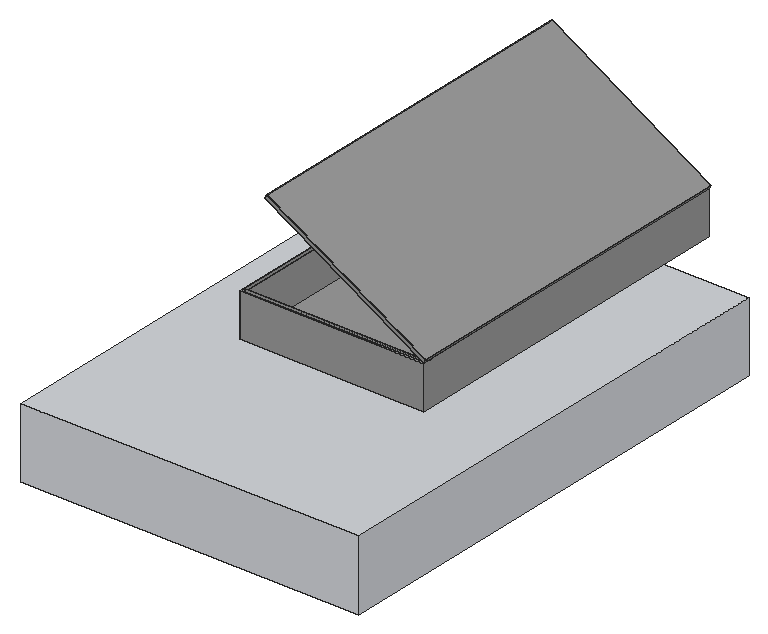
Revit family "Hager-Univers-IP44-D205-H1550-Cl.I-Encl-SE-en", category Equipement électrique, Revit 2020
Family settings
  Hôte = Face
  Configuration du panneau = Deux colonnes, circuits au sein
  Cote de connecteur circulaire = Utiliser le diamètre
  Type d'élément = Tableau de raccordement
  Couper avec des vides une fois chargée = Non
  Partagée = Non
  Point de calcul de pièce = Non
Parameters (values of type "Surface mounted (plaster) IP44 W800 H1550 D205  - FP03TN2")
  Width Control [instance] = if([EF000008 - Width] > Min Width, [EF000008 - Width], Min Width)  # 800 mm
  Commentaires du type = [HG000003 - Range]  # "Univers"
  Thickness Door [instance] = if([EF009171 - Material plate thickness door/cover] > 3 mm, 3 mm, [EF009171 - Material plate thickness door/cover])  # 1 mm
  Seal Frame Offset [instance] = 17 mm  # constant formula
  Plinth Visibility [instance] = [HG000027 - Plinth height] > 0 mm  # no
  Model = ""
  Min Width [instance] = 100 mm  # constant formula
  Min Height [instance] = 100 mm  # constant formula
  Min Depth [instance] = (2 * [EF009170 - Material plate thickness cabinet]) + 1 mm  # 3 mm
  Internal Frame Depth [instance] = (Door System Depth * 0.5)  # 9 mm
  Height Control [instance] = if([EF000040 - Height] > Min Height, [EF000040 - Height], Min Height)  # 1550 mm
  HG000027 - Plinth height = 0 mm
  HG000026 - Floor standing = no
  HG000024 - Bottom section height = 800 mm
  HG000023 - Double section enclosure = no
  HG000016 - Door 3d visibility [instance] = yes
  HG000015 - Clearance visibility [instance] = no
  HG000014 - Door on the right [instance] = yes
  HG000013 - Door on the left [instance] = not([HG000014 - Door on the right])  # no
  HG000012 - Door swing angle [instance] = 30.00°
  HG000010 - Asymmetric doors = no
  HG000009 - Double swing door = no
  HG000006 - Flush mounted = no
  HG000004 - Manufacturer reference = "FP03TN2"
  HG000003 - Range = "Univers"
  HG000002 - With door or cover = yes
  Frame Offset Bottom [instance] = 10 mm  # constant formula
  Frame Offset [instance] = 15 mm  # constant formula
  EF015940 - Cover with overpressure release = no
  EF011959 - Degree of protection (NEMA) = ""
  EF009554 - Number of openings for flange plates = 6
  EF009212 - Cover model = "EV000116 - Closed"
  EF009171 - Material plate thickness door/cover = 1 mm
  EF009170 - Material plate thickness cabinet = 1 mm
  Fabricant = "Hager"  # constant formula
  EF008873 - Nominal current (In) = 250 A
  EF007800 - Suitable for lightning protection = no
  EF006306 - With lock = no
  EF006244 - Transparent cover/door = no
  EF005474 - Degree of protection (IP) = "EV006418 - IP44"
  EF004464 - Type of door = "EV002646 - Single"
  EF004427 - Number of modules = 360
  EF004293 - Impact strength = "EV006815 - IK09"
  EF003532 - Suitable for outdoor use = no
  EF002950 - Width in number of modular spacings = 36
  EF001613 - Circuit integrity = "EV000494 - None"
  EF001596 - Material housing = "EV000179 - Steel"
  EF001131 - Internal depth = 205 mm
  EF001088 - Extension possible = yes
  EF000437 - Number of conduit inlets = 6
  EF000339 - Type of cover = "EV001012 - Cover"
  EF000266 - Number of rows = 10
  EF000218 - Built-in depth = 205 mm
  EF000118 - With mounting plate = no
  EF000116 - RAL-number = "9010"
  EF000049 - Depth = 205 mm
  EF000040 - Height = 1550 mm
  EF000008 - Width = 800 mm
  EF000007 - Colour = "EV000202 - White"
  EF000003 - Mounting method = "EV000384 - Surface mounted (plaster)"
  Door System Leaf Tolerance [instance] = 1.5 mm  # constant formula
  Door System Depth [instance] = 18 mm  # constant formula
  Door Height [instance] = Height Control - [HG000027 - Plinth height]  # 1550 mm
  Depth Control [instance] = if([EF000049 - Depth] > Min Depth, [EF000049 - Depth], Min Depth)  # 205 mm
  Default Elevation = 0 mm
  Connector Offset [instance] = Height Control / 2  # 775 mm
  Bottom Top Plate Trim [instance] = 1.5 mm  # constant formula
  Plinth height Ctrl [instance] = if([HG000027 - Plinth height] > 0 mm, [HG000027 - Plinth height], 12 mm)  # 12 mm
Types (5, lengths in mm): name | Width Control | HG000010 - Asymmetric doors | HG000009 - Double swing door | HG000004 - Manufacturer reference | EF009554 - Number of openings for flange plates | EF008873 - Nominal current (In) | EF004464 - Type of door | EF004427 - Number of modules | EF002950 - Width in number of modular spacings | EF000437 - Number of conduit inlets | EF000008 - Width
  Surface mounted (plaster) IP44 W1050 H1550 D205  - FP04TN2 | 1050 | no | yes | "FP04TN2" | 8 | 400 A | "EV003602 - Double" | 480 | 48 | 8 | 1050
  Surface mounted (plaster) IP44 W1300 H1550 D205  - FP05TN2 | 1300 | yes | yes | "FP05TN2" | 10 | 400 A | "EV003602 - Double" | 600 | 60 | 10 | 1300
  Surface mounted (plaster) IP44 W300 H1550 D205  - FP01TN2 | 300 | no | no | "FP01TN2" | 2 | 250 A | "EV002646 - Single" | 120 | 12 | 2 | 300
  Surface mounted (plaster) IP44 W550 H1550 D205  - FP02TN2 | 550 | no | no | "FP02TN2" | 4 | 250 A | "EV002646 - Single" | 240 | 24 | 4 | 550
  Surface mounted (plaster) IP44 W800 H1550 D205  - FP03TN2 | 800 | no | no | "FP03TN2" | 6 | 250 A | "EV002646 - Single" | 360 | 36 | 6 | 800
Reference planes
  plane 1 "Center (Front/Back)": y = 0
  plane 2: z = 0
  plane 3 "Center (Left/Right)": x = 0
  plane 4: z = 205
  plane 5: y = 1
  plane 6: y = 775
  plane 7: y = 0
  plane 8: y = 1550
  plane 9: z = 0
  plane 10: x = -385
  plane 11: x = 385
  plane 12: x = 384
  plane 13: x = -384
  plane 14: y = 1549
  plane 15: x = -383
  plane 16: x = -400
  plane 17: x = 383
  plane 18: x = 400
  plane 19: x = 399
  plane 20: x = -399
  plane 21: y = 11
  plane 22: y = 1550
  plane 23: y = 1534
  plane 24: z = 187
  plane 25: z = 1
  plane 26: z = 186
  plane 27: z = 204
Forms (mm)
  Extrusion 1, solid
    sketch origin (0, 0, 0) x (1, 0, 0) y (0, 1, 0)
      loop
        line (-702.964, 1305) -> (-702.964, -811.445) -> (766.763, -811.445) -> (766.763, 1305) -> (-702.964, 1305)
    from 0 to -304.8
  Extrusion 2, solid, material "Hager_Steel_RAL7035_Light_Grey", visible <- "Plinth Visibility", detail levels medium+fine
    sketch origin (0, 0, 0) x (1, 0, 0) y (0, 1, 0)
      loop
        line (-400, 0) -> (400, 0) -> (400, 12) -> (-400, 12) -> (-400, 0)
    from 0 to 187
  Extrusion 3, solid, material "Hager_Steel_RAL7035_Light_Grey", detail levels medium+fine
    sketch origin (0, 0, 0) x (1, 0, 0) y (0, 1, 0)
      loop
        line (-400, 0) -> (400, 0) -> (400, 1550) -> (-400, 1550) -> (-400, 0)
    from 0 to 187
  Extrusion 4, void
    sketch origin (0, 0, 0) x (1, 0, 0) y (0, 1, 0)
      loop
        line (-399, 1) -> (399, 1) -> (399, 1549) -> (-399, 1549) -> (-399, 1)
    from 1 to 186
  Extrusion 5, void
    sketch origin (-381.607, -4572, 187) x (0, -1, 0) y (-1, 0, 0)
      loop
        line (-4583, 2.393) -> (-6106, 2.393) -> (-6106, -765.607) -> (-4583, -765.607) -> (-4583, 2.393)
    from 0 to 1 <- "EF009170 - Material plate thickness cabinet"
  Extrusion 6, solid, material "Hager_Steel_RAL7035_Light_Grey", detail levels fine
    sketch origin (0, 0, 187) x (1, 0, 0) y (0, 1, 0)
      loop
        line (-384, 1534) -> (-384, 11) -> (384, 11) -> (384, 1534) -> (-384, 1534)
      loop
        line (-385, 10) -> (385, 10) -> (385, 1535) -> (-385, 1535) -> (-385, 10)
    from 0 to 9 <- "Internal Frame Depth"
  Extrusion 7, solid, material "Hager_Steel_RAL7035_Light_Grey", detail levels coarse
    sketch origin (0, 0, 0) x (1, 0, 0) y (0, 1, 0)
      loop
        line (-400, 0) -> (400, 0) -> (400, 1550) -> (-400, 1550) -> (-400, 0)
    from 0 to 205
  Sweep 8, void
    path in 3D
      loop
        line (-400, 12, 0) -> (400, 12, 0) -> (400, 12, 187) -> (-400, 12, 187) -> (-400, 12, 0)
    profile origin (-400, 12, 93.5) x (-1, 0, 0) y (0, -1, 0)
      loop
        line (0, 0) -> (0, 1.5) -> (-1.5, 1.5)
        arc (-1.5, 1.5) -> (-1.061, 0.439) -> (0, 0) r 1.5
Cuts and joins
  Extrusion 4, Extrusion 5 cuts Extrusion 3
  Sweep 8 cuts Extrusion 2
Lines and regions (mm)
  Masking region 1
    outline origin (0, 0, 0) x (1, 0, 0) y (0, 0, 1)
      loop
        line (-400, 205) -> (-400, 0) -> (400, 0) -> (400, 205) -> (-400, 205)
  Masking region 2, detail levels medium+fine
    outline origin (0, 140, 0) x (0, 1, 0) y (0, 0, 1)
      loop
        line (-140, 0) -> (1410, 0) -> (1410, 187) -> (-140, 187) -> (-140, 0)
  Masking region 3, not visible, detail levels medium+fine
    outline origin (0, 297.922, 0) x (0, 1, 0) y (0, 0, 1)
      loop
        line (488.578, 0) -> (528.578, 0) -> (528.578, 194)
        arc (528.578, 194) -> (525.649, 201.071) -> (518.578, 204) r 10
        line (518.578, 204) -> (488.578, 204) -> (488.578, 0)
  Masking region 4, detail levels coarse
    outline origin (0, 0, 180) x (0, 1, 0) y (0, 0, 1)
      loop
        line (0, -180) -> (1550, -180) -> (1550, 25) -> (0, 25) -> (0, -180)
  Masking region 5, visible <- "Plinth Visibility", detail levels medium+fine
    outline origin (0, 52.24, 12.345) x (0, 0, -1) y (0, 1, 0)
      loop
        line (10.845, -40.24) -> (-173.155, -40.24)
        arc (-173.155, -40.24) -> (-173.594, -41.301) -> (-174.655, -41.74) r 1.5
        line (-174.655, -41.74) -> (-174.655, -52.24) -> (12.345, -52.24) -> (12.345, -41.74)
        arc (12.345, -41.74) -> (11.285, -41.301) -> (10.845, -40.24) r 1.5
  Masking region 6, detail levels medium+fine
    outline origin (-381.607, -4572, 187) x (-1, 0, 0) y (0, -1, 0)
      loop
        line (18.393, -6122) -> (18.393, -4572) -> (-781.607, -4572) -> (-781.607, -6122) -> (18.393, -6122)
  Masking region 7, visible <- "Plinth Visibility", detail levels medium+fine
    outline origin (-381.607, -4727, 187) x (-1, 0, 0) y (0, -1, 0)
      loop
        arc (16.893, -4739) -> (17.332, -4737.939) -> (18.393, -4737.5) r 1.5
        line (18.393, -4737.5) -> (18.393, -4727) -> (-781.607, -4727) -> (-781.607, -4737.5)
        arc (-781.607, -4737.5) -> (-780.546, -4737.939) -> (-780.107, -4739) r 1.5
        line (-780.107, -4739) -> (16.893, -4739)
  Masking region 8, detail levels coarse
    outline origin (-442.548, -4669.526, 187) x (-1, 0, 0) y (0, -1, 0)
      loop
        line (-42.548, -6219.526) -> (-42.548, -4669.526) -> (-842.548, -4669.526) -> (-842.548, -6219.526) -> (-42.548, -6219.526)
  sketch lines
    curve 1: line (-400, 12, 187) -> (-400, 12, 0)
    curve 2: line (400, 12, 187) -> (-400, 12, 187)
    curve 3: line (400, 12, 187) -> (400, 12, 0)
    curve 4: line (-400, 12, 0) -> (400, 12, 0)
Dimensions and locks
  "Depth Control": plane 4 to Extrusion 1
  "HG000027 - Plinth height": plane 1 "Center (Front/Back)" to plane 7
  "EF009170 - Material plate thickness cabinet": plane 5 to plane 7
  locked: connector elem to plane 3 "Center (Left/Right)"
  equal spacing: plane 8, plane 6, plane 7
  locked: connector elem to plane 6
  "EF009170 - Material plate thickness cabinet": plane 8 to plane 14
  "EF009170 - Material plate thickness cabinet": plane 10 to plane 13
  "EF009170 - Material plate thickness cabinet": plane 12 to plane 11
  "Frame Offset": plane 20 to plane 13
  "Frame Offset": plane 12 to plane 19
  "EF009170 - Material plate thickness cabinet": plane 16 to plane 20
  "EF009170 - Material plate thickness cabinet": plane 19 to plane 18
  "Seal Frame Offset": plane 16 to plane 15
  "Seal Frame Offset": plane 17 to plane 18
  "Frame Offset Bottom": plane 21 to plane 5
  "Frame Offset": plane 14 to plane 23
  equal spacing: plane 16, plane 3 "Center (Left/Right)", plane 18
  "Width Control": plane 16 to plane 18
  "EF009170 - Material plate thickness cabinet": plane 4 to plane 27
  "EF009170 - Material plate thickness cabinet": plane 24 to plane 26
  "EF009170 - Material plate thickness cabinet": plane 25 to level
  "Door System Depth": plane 4 to plane 24
  "Height Control": plane 1 "Center (Front/Back)" to Extrusion 7 sketch curve
  "Height Control": Masking region 4 sketch curve to plane 1 "Center (Front/Back)"
  "Height Control": plane 1 "Center (Front/Back)" to plane 22
  "Bottom Top Plate Trim": profile plane to Sweep 8 sketch curve
  "Bottom Top Plate Trim": Sweep 8 sketch curve to profile plane
  "Plinth height Ctrl": plane 1 "Center (Front/Back)" to Extrusion 2 sketch curve
  "Plinth height Ctrl": Masking region 5 sketch curve to plane 1 "Center (Front/Back)"
  "Plinth height Ctrl": plane 1 "Center (Front/Back)" to Masking region 7 sketch curve
  "Thickness Door": Extrusion 6 sketch curve to Extrusion 6 sketch curve  (x3)
  "Thickness Door": cut or joined group of Extrusion 3, Extrusion 4, Extrusion 5 to Extrusion 6 sketch curve
  radius of Masking region 3 sketch curve = 10 mm
  "Bottom Top Plate Trim": radius of Masking region 5 sketch curve  (x2)
  "Bottom Top Plate Trim": radius of Sweep 8 sketch curve
  "Bottom Top Plate Trim": radius of Masking region 7 sketch curve  (x2)
  aligned and locked: plane 2 to Extrusion 1
  aligned and locked: level to Extrusion 1
  aligned and locked: level to Masking region 1 sketch curve
  aligned and locked: Masking region 1 sketch curve to plane 18
  aligned and locked: Masking region 1 sketch curve to plane 16
  aligned and locked: plane 7 to Masking region 2 sketch curve
  aligned and locked: level to Masking region 3 sketch curve
  aligned and locked: Masking region 3 sketch curve to plane 27
  aligned and locked: level to Masking region 2 sketch curve
  aligned and locked: plane 1 "Center (Front/Back)" to Extrusion 2 sketch curve
  aligned and locked: Extrusion 3 sketch curve to plane 7
  aligned and locked: plane 16 to Extrusion 3 sketch curve
  aligned and locked: plane 18 to Extrusion 3 sketch curve
  aligned and locked: plane 20 to Extrusion 4 sketch curve
  aligned and locked: plane 19 to Extrusion 4 sketch curve
  aligned and locked: Extrusion 4 sketch curve to plane 5
  aligned and locked: Extrusion 4 to plane 25
  aligned and locked: plane 26 to Extrusion 4
  aligned and locked: plane 24 to Extrusion 3
  aligned and locked: Extrusion 5 sketch curve to plane 21
  aligned and locked: Extrusion 5 sketch curve to plane 13
  aligned and locked: Extrusion 5 sketch curve to plane 12
  aligned and locked: plane 18 to Extrusion 7 sketch curve
  aligned and locked: plane 1 "Center (Front/Back)" to Extrusion 7 sketch curve
  aligned and locked: plane 16 to Extrusion 7 sketch curve
  aligned and locked: plane 4 to Extrusion 7
  aligned and locked: Extrusion 7 to level
  aligned and locked: level to Masking region 4 sketch curve
  aligned and locked: Masking region 4 sketch curve to plane 1 "Center (Front/Back)"
  aligned and locked: Masking region 4 sketch curve to plane 4
  aligned and locked: nested 1 to level
  aligned and locked: nested 1 to plane 16
  aligned and locked: plane 8 to Extrusion 3 sketch curve
  aligned and locked: plane 23 to Extrusion 5 sketch curve
  aligned and locked: plane 14 to Extrusion 4 sketch curve
  aligned and locked: Masking region 2 sketch curve to plane 8
  aligned and locked: level to Masking region 5 sketch curve
  aligned and locked: plane 16 to Extrusion 2 sketch curve
  aligned and locked: plane 18 to Extrusion 2 sketch curve
  aligned and locked: Masking region 5 sketch curve to plane 24
  aligned and locked: Masking region 2 sketch curve to plane 24
  aligned and locked: plane 24 to Extrusion 2
  aligned and locked: profile plane to Sweep 8 sketch curve  (x2)
  aligned and locked: Masking region 6 sketch curve to plane 18
  aligned and locked: Masking region 6 sketch curve to plane 22
  aligned and locked: Masking region 6 sketch curve to plane 16
  aligned and locked: plane 8 to plane 22
  aligned and locked: Masking region 6 sketch curve to plane 7
  aligned and locked: Masking region 7 sketch curve to plane 16
  aligned and locked: Masking region 7 sketch curve to plane 1 "Center (Front/Back)"
  aligned and locked: Masking region 7 sketch curve to plane 18
  aligned and locked: Masking region 8 sketch curve to plane 1 "Center (Front/Back)"
  aligned and locked: Masking region 8 sketch curve to plane 18
  aligned and locked: Masking region 8 sketch curve to plane 22
  aligned and locked: Masking region 8 sketch curve to plane 16
  aligned and locked: nested 2 to plane 7
  aligned and locked: plane 3 "Center (Left/Right)" to nested 2
  aligned and locked: nested 2 to plane 24
  aligned and locked: Extrusion 6 sketch curve to cut or joined group of Extrusion 3, Extrusion 4, Extrusion 5  (x4)
Automatic sketch dimensions
  Extrusion 1 sketch curve to Extrusion 1 sketch curve = 1469.727 mm
  Extrusion 1 sketch curve to Extrusion 1 sketch curve = 2116.445 mm
  Masking region 1 sketch curve to plane 4 = 0 mm
  plane 6 to Masking region 3 sketch curve = 11.5 mm
  Masking region 3 sketch curve to Masking region 3 sketch curve = 30 mm
  Masking region 5 sketch curve to plane 1 "Center (Front/Back)" = 0 mm
Nested families
  nested 1: "Hager_Enclosure_Symbol" at (-400, 0, 0) x (1, 0, 0) z (0, -1, 0), Height <- "Depth Control", Width <- "Width Control", type "Hager_Enclosure_Symbol"
    with Width_Ctrl 800 mm, Width 800 mm, Height_Ctrl 205 mm, Height 205 mm, A_Width_Int 13.453 mm, A_Width 161.438 mm, A_Height_Ctrl 179.375 mm, A_Height 179.375 mm
  nested 2: "EC000058_Univers_Door" at (0, 0, 187) x (1, 0, 0) z (0, 1, 0), Leaf_Tolerance <- "Door System Leaf Tolerance", Angle <- "HG000012 - Door swing angle", Door_Depth <- "Door System Depth", Door_Left <- "HG000013 - Door on the left", Transparent <- "EF006244 - Transparent cover/door", Assymetrical <- "HG000010 - Asymmetric doors", Width <- "Width Control", Clearance <- "HG000015 - Clearance visibility", Double <- "HG000009 - Double swing door", 3d_Door <- "HG000016 - Door 3d visibility", Lock_Visibility <- "EF006306 - With lock", Width_Ctrl <- "Width Control", Door_Right <- "HG000014 - Door on the right", Door <- "HG000002 - With door or cover", Height <- "Door Height", Thickness <- "Thickness Door", type "EC000058_Univers_Door", detail levels medium+fine
    with min_wh 3 mm, Width_Ctrl 800 mm, Width 800 mm, Transparent no, Thickness 1 mm, Seal_Material Hager_Rubber, Lock_Visibility no, Lock_Material Hager_Plastic_RAL9005_Jet_Black, Leaf_Width 800 mm, Leaf_Tolerance_External_Sides 0 mm, Leaf_Tolerance 1.5 mm, Leaf_Offset 0 mm, Leaf_Height 1547 mm, Leaf_2_Width 800 mm, Leaf_2_Offset 400 mm, Leaf_1_Width 800 mm, Leaf_1_Offset 400 mm, Height_Ctrl 1550 mm, Height 1550 mm, Glass_Material Hager_Glass, Double_Clearance_Ctrl no, Double no, Door_Right_Ctrl yes, Door_Right yes, Door_Material Hager_Steel_RAL7035_Light_Grey, Door_Left_Ctrl no, Door_Left no, Door_Depth 18 mm, Door yes, Clearance_Material Hager_Clearance, Clearance_Depth 800 mm, Clearance_Ctrl no, Clearance no, Assymetrical no, Angle 30.00°, 3d_Door yes
Connectors
  electrical at (0, 775, 0)
    settings: on plane 9, index 1, voltage 0 V, apparent load 0 VA, apparent load phase1 0 VA, apparent load phase2 0 VA, apparent load phase3 0 VA, power factor 1, load classification "Other", number of poles 1, system type 30, power factor state 1, is connector primary yes, connector utility no, sub classification motor no, connector description ""
Definition of nested family "EC000058_Univers_Door"
  Parameters (values of type "EC000058_Univers_Door")
    min_wh [instance] = (2 * Thickness) + 1 mm  # 11 mm
    Width_Ctrl [instance] = 400 mm
    Width [instance] = 500 mm
    Transparent [instance] = yes
    Thickness [instance] = 5 mm
    Seal_Material [instance] = none
    Lock_Visibility [instance] = yes
    Lock_Material [instance] = none
    Leaf_Width [instance] = if((Width_Ctrl - 2 * Leaf_Tolerance_External_Sides) > 0 mm, (Width_Ctrl - 2 * Leaf_Tolerance_External_Sides), min_wh)  # 400 mm
    Leaf_Tolerance_External_Sides [instance] = 0 mm  # constant formula
    Leaf_Tolerance [instance] = 1.5 mm
    Leaf_Offset [instance] = 0 mm  # constant formula
    Leaf_Height [instance] = if((Height_Ctrl - 2 * Leaf_Tolerance) > 0 mm, (Height_Ctrl - 2 * Leaf_Tolerance), min_wh)  # 497 mm
    Leaf_2_Width [instance] = if(and(and(Double, Assymetrical), Door_Left), (Leaf_Width / 3) - (Leaf_Tolerance / 2), if(and(and(Double, Assymetrical), Door_Right), (Leaf_Width / 3) * 2 - (Leaf_Tolerance / 2), if(and(Double, not(Assymetrical)), (Leaf_Width / 2) - Leaf_Tolerance, Leaf_Width)))  # 400 mm
    Leaf_2_Offset [instance] = if(and(Double, Assymetrical), Leaf_2_Width / 2, if(and(Double, not(Assymetrical)), Leaf_Width / 4, Leaf_Width / 2))  # 200 mm
    Leaf_1_Width [instance] = if(and(and(Double, Assymetrical), Door_Right), (Leaf_Width / 3) - (Leaf_Tolerance / 2), if(and(and(Double, Assymetrical), Door_Left), (Width / 3) * 2 - (Leaf_Tolerance / 2), if(and(Double, not(Assymetrical)), (Leaf_Width / 2) - Leaf_Tolerance, Leaf_Width)))  # 400 mm
    Leaf_1_Offset [instance] = if(and(Double, Assymetrical), Leaf_1_Width / 2, if(and(Double, not(Assymetrical)), Leaf_Width / 4, Leaf_Width / 2))  # 200 mm
    Height_Ctrl [instance] = if(Height > min_wh, Height, min_wh)  # 500 mm
    Height [instance] = 500 mm
    Glass_Material [instance] = none
    Double_Clearance_Ctrl [instance] = and(Double, Clearance)  # no
    Double [instance] = no
    Door_Right_Ctrl [instance] = and(or(Door_Right, Double), Door)  # yes
    Door_Right [instance] = yes
    Door_Material [instance] = none
    Door_Left_Ctrl [instance] = and(or(Door_Left, Double), Door)  # no
    Door_Left [instance] = no
    Door_Depth [instance] = 30 mm
    Door [instance] = yes
    Default Elevation = 1219.2 mm
    Clearance_Material [instance] = none
    Clearance_Depth [instance] = if(Leaf_1_Width > Leaf_2_Width, Leaf_1_Width, Leaf_2_Width)  # 400 mm
    Clearance_Ctrl [instance] = and(not(Double), Clearance)  # yes
    Clearance [instance] = yes
    Assymetrical [instance] = yes
    Angle [instance] = 30.00°
    3d_Door [instance] = yes
  Reference planes
    plane 1 "Center (Front/Back)": y = 0
    plane 2 "Bottom": z = 0
    plane 3 "Center (Left/Right)": x = 0
    plane 4: z = 500
    plane 5: x = -200
    plane 6: x = 200
    plane 7: z = 500
    plane 8: x = -200
    plane 9: z = 0
    plane 10: x = 200
    plane 11: y = 0
    plane 12: z = 1.5
    plane 13: x = -600
    plane 14: y = -400
    plane 15: x = 600
    plane 16: x = 0
    plane 17: x = 0
    plane 18: x = -200
    plane 19: x = 200
    plane 20: z = 498.5
  Forms (mm)
    Extrusion 1, solid, material <- "Clearance_Material", visible <- "Double_Clearance_Ctrl"
      sketch origin (1200, 0, 0) x (1, 0, 0) y (0, 0, -1)
        loop
          line (-1800, -498.5) -> (-600, -498.5) -> (-600, 0) -> (-1800, 0) -> (-1800, -498.5)
      from 0 to -400
  Dimensions and locks
    equal spacing: plane 5, plane 3 "Center (Left/Right)", plane 6
    "Width_Ctrl": plane 5 to plane 6
    "Leaf_Offset": plane 5 to plane 8
    "Leaf_Offset": plane 6 to plane 10
    "Leaf_Offset": plane 9 to level
    "Leaf_Offset": plane 4 to plane 7
    "Height_Ctrl": plane 4 to level
    "Leaf_Tolerance": plane 12 to plane 9
    locked: plane 11 to plane 1 "Center (Front/Back)"
    "Leaf_1_Offset": plane 18 to plane 16
    "Leaf_2_Offset": plane 17 to plane 19
    "Leaf_1_Width": plane 13 to plane 8
    "Leaf_2_Width": plane 10 to plane 15
    "Clearance_Depth": plane 14 to plane 1 "Center (Front/Back)"
    "Leaf_Tolerance_External_Sides": plane 8 to plane 18
    "Leaf_Tolerance_External_Sides": plane 19 to plane 10
    "Leaf_Tolerance": plane 7 to plane 20
    aligned and locked: level to plane 2 "Bottom"
    aligned and locked: nested 1 to plane 16
    aligned and locked: nested 2 to plane 17
    aligned and locked: Extrusion 1 to plane 13
    aligned and locked: plane 15 to Extrusion 1
    aligned and locked: Extrusion 1 to plane 14
    aligned and locked: plane 12 to nested 1
    aligned and locked: nested 2 to plane 12
    aligned and locked: Extrusion 1 to plane 11
    aligned and locked: plane 20 to Extrusion 1
    aligned and locked: nested 2 to plane 11
    aligned and locked: nested 1 to plane 11
  Automatic sketch dimensions
    Extrusion 1 sketch curve to level = 0 mm
    plane 5 to Extrusion 1 sketch curve = 400 mm
    plane 6 to Extrusion 1 sketch curve = 400 mm
    Extrusion 1 sketch curve to plane 4 = 1.5 mm
  Nested families
    nested 1: "EC000058_Univers_Door_Leaf" at (0, 0, 1.5), Width <- "Leaf_1_Width", visible <- "Door_Left_Ctrl", Leaf_Height <- "Leaf_Height", Angle <- "Angle", 3d_Door <- "3d_Door", Transparent <- "Transparent", Clearance Material <- "Clearance_Material", Clearance <- "Clearance_Ctrl", Door_Material <- "Door_Material", Glass_Material <- "Glass_Material", Door_Depth <- "Door_Depth", Lock_Material <- "Lock_Material", Seal_Material <- "Seal_Material", Lock_Visibility <- "Lock_Visibility", Thickness <- "Thickness", type "EC000058_Univers_Door_Leaf"
      with Width 400 mm, Transparent_Glass_Offset 30 mm, Transparent_Ctrl yes, Transparent yes, Thickness 5 mm, Standard no, Seal_Material none, Seal_D2 8 mm, Seal_D1 1 mm, Offset_Internal_Frame 10 mm, Lock_Width 20 mm, Lock_Visibility_3d yes, Lock_Visibility yes, Lock_Thickness_3 3 mm, Lock_Thickness_2 1 mm, Lock_Thickness_1 3 mm, Lock_Radius_Offset_2 16 mm, Lock_Radius_Offset_1 15 mm, Lock_Radius_2 5 mm, Lock_Radius 6 mm, Lock_Offset 5 mm, Lock_Material none, Lock_Height 80 mm, Lock_Cover_Top_Offset_2d 17 mm, Lock_Cover_Height -65 mm, Leaf_Height 497 mm, Internal_Seal_Thickness 8 mm, Internal_Seal_Depth_2 4.5 mm, Internal_Frame_Depth 25 mm, Glass_Thickness -1 mm, Glass_Offset -2 mm, Glass_Material none, Door_Material none, Door_Depth 30 mm, Clearance Material none, Clearance yes, Angle_Ctrl 30.00°, Angle 30.00°, 3d_Door yes
    nested 2: "EC000058_Univers_Door_Leaf" at (0, 0, 1.5) x (-1, 0, 0) z (0, 0, 1), Width <- "Leaf_2_Width", visible <- "Door_Right_Ctrl", Leaf_Height <- "Leaf_Height", Angle <- "Angle", 3d_Door <- "3d_Door", Transparent <- "Transparent", Clearance Material <- "Clearance_Material", Clearance <- "Clearance_Ctrl", Door_Material <- "Door_Material", Glass_Material <- "Glass_Material", Door_Depth <- "Door_Depth", Lock_Material <- "Lock_Material", Seal_Material <- "Seal_Material", Lock_Visibility <- "Lock_Visibility", Thickness <- "Thickness", type "EC000058_Univers_Door_Leaf"
      with Width 400 mm, Transparent_Glass_Offset 30 mm, Transparent_Ctrl yes, Transparent yes, Thickness 5 mm, Standard no, Seal_Material none, Seal_D2 8 mm, Seal_D1 1 mm, Offset_Internal_Frame 10 mm, Lock_Width 20 mm, Lock_Visibility_3d yes, Lock_Visibility yes, Lock_Thickness_3 3 mm, Lock_Thickness_2 1 mm, Lock_Thickness_1 3 mm, Lock_Radius_Offset_2 16 mm, Lock_Radius_Offset_1 15 mm, Lock_Radius_2 5 mm, Lock_Radius 6 mm, Lock_Offset 5 mm, Lock_Material none, Lock_Height 80 mm, Lock_Cover_Top_Offset_2d 17 mm, Lock_Cover_Height -65 mm, Leaf_Height 497 mm, Internal_Seal_Thickness 8 mm, Internal_Seal_Depth_2 4.5 mm, Internal_Frame_Depth 25 mm, Glass_Thickness -1 mm, Glass_Offset -2 mm, Glass_Material none, Door_Material none, Door_Depth 30 mm, Clearance Material none, Clearance yes, Angle_Ctrl 30.00°, Angle 30.00°, 3d_Door yes
  Definition of nested family "EC000058_Univers_Door_Leaf"
    Parameters (values of type "EC000058_Univers_Door_Leaf")
      Width [instance] = 2000 mm
      Transparent_Glass_Offset [instance] = 30 mm
      Transparent_Ctrl [instance] = and(Transparent, [3d_Door])  # yes
      Transparent [instance] = yes
      Thickness [instance] = 5 mm
      Standard [instance] = and(not(Transparent), [3d_Door])  # no
      Seal_Material [instance] = none
      Seal_D2 [instance] = 8 mm  # constant formula
      Seal_D1 [instance] = 1 mm  # constant formula
      Offset_Internal_Frame [instance] = 10 mm  # constant formula
      Lock_Width [instance] = 20 mm  # constant formula
      Lock_Visibility_3d [instance] = and(Lock_Visibility, [3d_Door])  # yes
      Lock_Visibility [instance] = yes
      Lock_Thickness_3 [instance] = 3 mm  # constant formula
      Lock_Thickness_2 [instance] = 1 mm  # constant formula
      Lock_Thickness_1 [instance] = 3 mm  # constant formula
      Lock_Radius_Offset_2 [instance] = Lock_Radius_Offset_1 + 1 mm  # 16 mm
      Lock_Radius_Offset_1 [instance] = 15 mm  # constant formula
      Lock_Radius_2 [instance] = Lock_Radius - 1 mm  # 5 mm
      Lock_Radius [instance] = 6 mm  # constant formula
      Lock_Offset [instance] = 5 mm  # constant formula
      Lock_Material [instance] = none
      Lock_Height [instance] = 80 mm  # constant formula
      Lock_Cover_Top_Offset_2d [instance] = Lock_Radius_Offset_2 + 1 mm  # 17 mm
      Lock_Cover_Height [instance] = -(Lock_Height - Lock_Radius_Offset_1)  # -65 mm
      Leaf_Height [instance] = 2720.336 mm
      Internal_Seal_Thickness [instance] = 8 mm  # constant formula
      Internal_Seal_Depth_2 [instance] = 4.5 mm  # constant formula
      Internal_Frame_Depth [instance] = if(Door_Depth - Thickness > 5 mm, Door_Depth - Thickness, 5 mm)  # 25 mm
      Glass_Thickness [instance] = if(Thickness > 15 mm, Glass_Offset + 10 mm, -1 mm)  # -1 mm
      Glass_Offset [instance] = if(Thickness > 15 mm, -(Thickness + 10 mm) / 2, -2 mm)  # -2 mm
      Glass_Material [instance] = none
      Door_Material [instance] = none
      Door_Depth [instance] = 30 mm
      Default Elevation = 0 mm
      Clearance Material [instance] = none
      Clearance [instance] = yes
      Angle_Ctrl [instance] = if(Angle > 180.00°, 180.00°, Angle)  # 90.00°
      Angle [instance] = 90.00°
      3d_Door [instance] = yes
    Reference planes
      plane 1 "Center (Front/Back)": y = 0
      plane 2: z = 0
      plane 3 "Center (Left/Right)": x = 0
      plane 4: y = 2000
      plane 5: x = -1000
      plane 6: x = 1000
      plane 7: x = -3000
      plane 8: z = 2720.336
      plane 9: z = 30
      plane 10: z = 2690.336
      plane 11: x = 970
      plane 12: x = -970
      plane 13: y = -3
      plane 14: z = 107.833
      plane 15: y = -5
      plane 16: y = -223.314
      plane 17: x = -1000
      plane 18: z = 1360.168
      plane 19: y = 30
    Forms (mm)
      Extrusion 1, solid, material <- "Clearance Material", visible <- "Clearance"
        sketch origin (0, 0, 0) x (1, 0, 0) y (0, 0, 1)
          loop
            line (-3000, 2720.336) -> (-3000, 0) -> (1000, 0) -> (1000, 2720.336) -> (-3000, 2720.336)
        from 0 to -2000
      Extrusion 2, solid, material <- "Door_Material", visible <- "Standard", detail levels medium+fine
        sketch origin (-1000, 0, 0) x (0, 1, 0) y (-1, 0, 0)
          loop
            line (0, 30) -> (0, 25) -> (2000, 25) -> (2000, 30) -> (0, 30)
        from 0 to 2720.336 <- "Leaf_Height"
      Extrusion 3, solid, material <- "Door_Material", visible <- "Transparent_Ctrl", detail levels medium+fine
        sketch origin (-1000, 0, 0) x (0, 1, 0) y (-1, 0, 0)
          loop
            line (0, 25) -> (2000, 25) -> (2000, 30) -> (0, 30) -> (0, 25)
        from 0 to 2720.336 <- "Leaf_Height"
      Extrusion 4, void
        sketch origin (-1025, 2000, 0) x (0, 1, 0) y (0, 0, -1)
          loop
            line (-30, -2690.336) -> (-30, -30) -> (-1970, -30) -> (-1970, -2690.336) -> (-30, -2690.336)
        from 0 to 5 <- "Thickness"
      Sweep 5, solid, material <- "Seal_Material", visible <- "Transparent_Ctrl", detail levels fine
        path in 3D
          loop
            line (-1025, 30, 30) -> (-1025, 30, 2690.336) -> (-1025, 1970, 2690.336) -> (-1025, 1970, 30) -> (-1025, 30, 30)
        profile origin (-1025, 1000, 30) x (1, 0, 0) y (0, 0, 1)
          loop
            line (0, 0) -> (0, -8) -> (1, -8) -> (1, 0) -> (0, 0)
      Extrusion 6, solid, material <- "Glass_Material", visible <- "Transparent_Ctrl", detail levels medium+fine
        sketch origin (-1030, 0, 0) x (0, 1, 0) y (0, 0, -1)
          loop
            line (1970, -2690.336) -> (1970, -30) -> (30, -30) -> (30, -2690.336) -> (1970, -2690.336)
        from -2 <- "Glass_Offset" to -1 <- "Glass_Thickness"
      Extrusion 7, solid, material <- "Door_Material", visible <- "3d_Door", detail levels medium+fine
        sketch origin (-1025, 2000, 0) x (0, -1, 0) y (0, 0, -1)
          loop
            line (0, -2720.336) -> (2000, -2720.336) -> (2000, 0) -> (0, 0) -> (0, -2720.336)
          loop
            line (1995, -5) -> (5, -5) -> (5, -2715.336) -> (1995, -2715.336) -> (1995, -5)
        from 0 to 25 <- "Internal_Frame_Depth"
      Sweep 8, solid, material <- "Seal_Material", visible <- "Transparent_Ctrl", detail levels fine
        path in 3D
          loop
            line (-1025, 0, 0) -> (-1025, 2000, 0) -> (-1025, 2000, 2720.336) -> (-1025, 0, 2720.336) -> (-1025, 0, 0)
        profile origin (-1025, 0, 1360.168) x (1, 0, 0) y (0, 1, 0)
          loop
            line (0, 10) -> (2.975, 10)
            arc (2.975, 10) -> (4.053, 10.447) -> (4.5, 11.525) r 1.525
            line (4.5, 11.525) -> (4.5, 16.527)
            arc (4.5, 16.527) -> (4.069, 17.569) -> (3.027, 18) r 1.473
            line (3.027, 18) -> (0, 18) -> (0, 10)
      Extrusion 9, solid, material <- "Lock_Material", visible <- "Lock_Visibility_3d", detail levels fine
        sketch origin (-1030, 0, 0) x (0, 1, 0) y (0, 0, -1)
          loop
            arc (1993.5, -1400.168) -> (1994.561, -1399.729) -> (1995, -1398.668) r 1.5
            line (1995, -1398.668) -> (1995, -1320.168) -> (1975, -1320.168) -> (1975, -1398.668)
            arc (1975, -1398.668) -> (1975.439, -1399.729) -> (1976.5, -1400.168) r 1.5
            line (1976.5, -1400.168) -> (1993.5, -1400.168)
        from 3 <- "Lock_Thickness_1" to 0
      Blend 10, solid, material <- "Lock_Material", visible <- "Lock_Visibility_3d", detail levels fine
        base sketch origin (-1033, 0, 0) x (0, 1, 0) y (0, 0, -1)
          loop
            line (1975, -1320.168) -> (1975, -1398.668)
            arc (1975, -1398.668) -> (1975.439, -1399.729) -> (1976.5, -1400.168) r 1.5
            line (1976.5, -1400.168) -> (1993.5, -1400.168)
            arc (1993.5, -1400.168) -> (1994.561, -1399.729) -> (1995, -1398.668) r 1.5
            line (1995, -1398.668) -> (1995, -1320.168) -> (1975, -1320.168)
        top sketch origin (-1033, 0, 0) x (0, 1, 0) y (0, 0, -1)
          loop
            line (1976, -1320.168) -> (1976, -1398.668)
            arc (1976, -1398.668) -> (1976.146, -1399.022) -> (1976.5, -1399.168) r 0.5
            line (1976.5, -1399.168) -> (1993.5, -1399.168)
            arc (1993.5, -1399.168) -> (1993.854, -1399.022) -> (1994, -1398.668) r 0.5
            line (1994, -1398.668) -> (1994, -1320.168) -> (1976, -1320.168)
        from 0 to 1 <- "Lock_Thickness_2"
      Blend 11, solid, material <- "Lock_Material", visible <- "Lock_Visibility_3d", detail levels fine
        base sketch origin (-1034, 0, 0) x (0, 1, 0) y (0, 0, -1)
          loop
            line (1978, -1320.168) -> (1978, -1384.168)
            arc (1978, -1384.168) -> (1985, -1391.168) -> (1992, -1384.168) r 7
            line (1992, -1384.168) -> (1992, -1320.168) -> (1978, -1320.168)
        top sketch origin (-1034, 0, 0) x (0, 1, 0) y (0, 0, -1)
          loop
            line (1991, -1320.168) -> (1979, -1320.168) -> (1979, -1383.168)
            arc (1979, -1383.168) -> (1985, -1389.168) -> (1991, -1383.168) r 6
            line (1991, -1383.168) -> (1991, -1320.168)
        from 0 to 3 <- "Lock_Thickness_3"
      Extrusion 12, solid, material <- "Lock_Material", visible <- "Lock_Visibility_3d", detail levels fine
        sketch origin (-1030, 1975, 1320.168) x (1, 0, 0) y (0, -1, 0)
          loop
            line (-7, -19) -> (-7, -1) -> (0, -1) -> (0, 0) -> (-8, 0) -> (-8, -20) -> (0, -20) -> (0, -19) -> (-7, -19)
        from 0 to -65 <- "Lock_Cover_Height"
      Extrusion 13, void
        sketch origin (-1038, 1995, 1320.168) x (-1, 0, 0) y (0, 0, -1)
          loop
            line (-5, -65) -> (0, -65) -> (-5, -60) -> (-5, -65)
        from 0 to 20 <- "Lock_Width"
      Extrusion 14, void
        sketch origin (-1038, 1975, 1320.168) x (0, -1, 0) y (0, 0, -1)
          loop
            circle (-10, -15.995) r 6
          loop
            circle (-10, -15.995) r 5
        from 0 to 2
      Extrusion 15, solid, material <- "Lock_Material", visible <- "Lock_Visibility_3d", detail levels medium
        sketch origin (-1030, 0, 0) x (0, 1, 0) y (0, 0, -1)
          loop
            arc (1993.5, -1400.168) -> (1994.561, -1399.729) -> (1995, -1398.668) r 1.5
            line (1995, -1398.668) -> (1995, -1320.168) -> (1975, -1320.168) -> (1975, -1398.668)
            arc (1975, -1398.668) -> (1975.439, -1399.729) -> (1976.5, -1400.168) r 1.5
            line (1976.5, -1400.168) -> (1993.5, -1400.168)
        from 8 to 0
    Cuts and joins
      Extrusion 4 cuts Extrusion 3
      Extrusion 13, Extrusion 14 cuts Extrusion 9
      Extrusion 14 cuts Blend 11
      Extrusion 13, Extrusion 14 cuts Extrusion 12
      joined: Extrusion 9, Blend 10, Blend 11, Extrusion 12
      Extrusion 14 cuts Extrusion 15
    Lines and regions (mm)
      Masking region 1, visible <- "Lock_Visibility", detail levels fine
        outline origin (0, 0, 0) x (0, 1, 0) y (0, 0, 1)
          loop
            line (30, 1320.168) -> (33, 1320.168) -> (33, 1400.168) -> (30, 1400.168) -> (30, 1320.168)
      Masking region 2, visible <- "Lock_Visibility", detail levels fine
        outline origin (0, 3.143, 0) x (0, 1, 0) y (0, 0, 1)
          loop
            line (29.857, 1354.168) -> (30.857, 1354.168) -> (30.857, 1366.168) -> (29.857, 1366.168) -> (29.857, 1354.168)
      Masking region 3, detail levels medium+fine
        outline origin (0, 0, 0) x (0, 1, 0) y (0, 0, 1)
          loop
            line (0, 0) -> (30, 0) -> (30, 2720.336) -> (0, 2720.336) -> (0, 0)
      Masking region 4, detail levels medium+fine
        outline origin (0, 0, 0) x (1, 0, 0) y (0, 0, 1)
          loop
            line (-1000, 2720.336) -> (-1000, 0) -> (1000, 0) -> (1000, 2720.336) -> (-1000, 2720.336)
      Masking region 5, visible <- "Lock_Visibility", detail levels fine
        outline origin (-47.116, 0, 0) x (1, 0, 0) y (0, 0, 1)
          loop
            arc (1024.616, 1399.168) -> (1023.556, 1398.729) -> (1023.116, 1397.668) r 1.5
            line (1023.116, 1397.668) -> (1023.116, 1320.168) -> (1041.116, 1320.168) -> (1041.116, 1397.668)
            arc (1041.116, 1397.668) -> (1040.677, 1398.729) -> (1039.616, 1399.168) r 1.5
            line (1039.616, 1399.168) -> (1024.616, 1399.168)
      Masking region 6, visible <- "Lock_Visibility", detail levels medium+fine
        outline origin (-25, 0, 0) x (1, 0, 0) y (0, 0, 1)
          loop
            arc (1001.5, 1400.168) -> (1000.439, 1399.729) -> (1000, 1398.668) r 1.5
            line (1000, 1398.668) -> (1000, 1320.168) -> (1020, 1320.168) -> (1020, 1398.668)
            arc (1020, 1398.668) -> (1019.561, 1399.729) -> (1018.5, 1400.168) r 1.5
            line (1018.5, 1400.168) -> (1001.5, 1400.168)
      Masking region 7, visible <- "Lock_Visibility", detail levels fine
        outline origin (-73.735, 0, 0) x (1, 0, 0) y (0, 0, 1)
          loop
            line (1051.735, 1382.168) -> (1065.735, 1382.168) -> (1065.735, 1384.168)
            arc (1065.735, 1384.168) -> (1058.735, 1391.168) -> (1051.735, 1384.168) r 7
            line (1051.735, 1384.168) -> (1051.735, 1382.168)
      Masking region 8, visible <- "Lock_Visibility", detail levels fine
        outline origin (-73.735, 0, 0) x (1, 0, 0) y (0, 0, 1)
          loop
            line (1052.735, 1382.168) -> (1064.735, 1382.168) -> (1064.735, 1383.168)
            arc (1064.735, 1383.168) -> (1058.735, 1389.168) -> (1052.735, 1383.168) r 6
            line (1052.735, 1383.168) -> (1052.735, 1382.168)
      Masking region 9, visible <- "Lock_Visibility", detail levels fine
        outline origin (-25, 0, 0) x (1, 0, 0) y (0, 0, 1)
          loop
            line (1020, 1320.168) -> (1020, 1382.168) -> (1000, 1382.168) -> (1000, 1320.168) -> (1020, 1320.168)
      Masking region 10, detail levels medium+fine
        outline origin (0, 0, 0) x (1, 0, 0) y (0, 0, 1)
          loop
            circle (985, 1335.144) r 6
      Masking region 11, detail levels fine
        outline origin (0, 0, 0) x (1, 0, 0) y (0, 0, 1)
          loop
            circle (985, 1335.144) r 5
      Masking region 12, visible <- "Lock_Visibility", detail levels fine
        outline origin (0, 12.767, 0) x (0, 1, 0) y (0, 0, 1)
          loop
            line (20.233, 1320.168) -> (21.233, 1320.168) -> (21.233, 1399.168) -> (20.233, 1400.168) -> (20.233, 1320.168)
      Masking region 13, visible <- "Lock_Visibility", detail levels fine
        outline origin (0, 13.767, -10) x (0, 1, 0) y (0, 0, 1)
          loop
            line (20.233, 1330.168) -> (23.233, 1330.168) -> (23.233, 1399.168) -> (20.233, 1402.168) -> (20.233, 1330.168)
      Masking region 14, visible <- "Lock_Visibility", detail levels fine
        outline origin (0, 12.767, -10) x (0, 1, 0) y (0, 0, 1)
          loop
            line (20.233, 1330.168) -> (25.233, 1330.168) -> (25.233, 1399.305) -> (20.233, 1394.305) -> (20.233, 1330.168)
      Masking region 15, visible <- "Lock_Visibility", detail levels medium
        outline origin (0, 0, 0) x (0, 1, 0) y (0, 0, 1)
          loop
            line (30, 1320.168) -> (38, 1320.168) -> (38, 1400.168) -> (30, 1400.168) -> (30, 1320.168)
      Masking region 16, visible <- "Lock_Visibility", detail levels fine
        outline origin (-1000, 0, 0) x (0, 1, 0) y (-1, 0, 0)
          loop
            line (1975, 30) -> (1995, 30) -> (1995, 38) -> (1975, 38) -> (1975, 30)
          loop
            line (1979, 37) -> (1976, 37) -> (1976, 34) -> (1978, 34) -> (1979, 37)
          loop
            line (1994, 37) -> (1991, 37) -> (1992, 34) -> (1994, 34) -> (1994, 37)
      Masking region 17, visible <- "Lock_Visibility", detail levels medium
        outline origin (-1000, 0, 0) x (0, 1, 0) y (-1, 0, 0)
          loop
            line (1975, 30) -> (1995, 30) -> (1995, 38) -> (1975, 38) -> (1975, 30)
      symbolic lines
        curve 1: line (1000, 0, 0) -> (-3000, 0, 0)
        curve 2: arc (1000, 0, 0) -> (-1000, 2000, 0) -> (-3000, 0, 0) r 2000
        curve 4: line (-1030, 0, 0) -> (-1030, 2000, 0)
      reference lines
        curve 3: line (-1000, 0, 0) -> (-1000, 2000, 0)
      symbolic lines, detail levels medium+fine
        curve 5: line (-1030, 2000, 0) -> (-1025, 2000, 0)
        curve 7: line (-1025, 0, 0) -> (-1030, 0, 0)
        curve 8: line (-1025, 0, 0) -> (-1000, 0, 0)
        curve 9: line (-1000, 0, 0) -> (-1000, 2000, 0)
        curve 10: line (-1000, 2000, 0) -> (-1025, 2000, 0)
      symbolic lines, detail levels fine
        curve 6: line (-1025, 2000, 0) -> (-1025, 0, 0)
      sketch lines
        curve 11: line (-1025, 0, 2720.336) -> (-1025, 0, 0)
        curve 12: line (-1025, 2000, 0) -> (-1025, 0, 0)
        curve 13: line (-1025, 2000, 2720.336) -> (-1025, 2000, 0)
        curve 14: line (-1025, 0, 2720.336) -> (-1025, 2000, 2720.336)
        curve 15: line (-1025, 1970, 30) -> (-1025, 30, 30)
        curve 16: line (-1025, 30, 30) -> (-1025, 30, 2690.336)
        curve 17: line (-1025, 1970, 2690.336) -> (-1025, 1970, 30)
        curve 18: line (-1025, 30, 2690.336) -> (-1025, 1970, 2690.336)
      symbolic lines, visible <- "Transparent", detail levels medium+fine
        curve 19: line (-970, 0, 2690.336) -> (970, 0, 2690.336)
        curve 20: line (-970, 0, 30) -> (-970, 0, 2690.336)
        curve 21: line (970, 0, 30) -> (-970, 0, 30)
        curve 22: line (970, 0, 2690.336) -> (970, 0, 30)
    Dimensions and locks
      "Width": plane 1 "Center (Front/Back)" to plane 4
      equal spacing: plane 5, plane 3 "Center (Left/Right)", plane 6
      "Width": plane 5 to plane 6
      "Width": plane 7 to plane 5
      "Leaf_Height": plane 8 to level
      "Width": curve 5 to curve 3
      "Width": curve 3 to curve 3
      plane 8 to plane 10 = 30 mm
      plane 9 to level = 30 mm
      plane 12 to plane 5 = 30 mm
      plane 6 to plane 11 = 30 mm
      Extrusion 1 to Extrusion 4 sketch curve = 30 mm
      "Transparent_Glass_Offset": curve 3 to Extrusion 4 sketch curve
      "Transparent_Glass_Offset": Extrusion 4 sketch curve to cut or joined group of Extrusion 3, Extrusion 4  (x2)
      cut or joined group of Extrusion 3, Extrusion 4 to Extrusion 6 sketch curve = 30 mm
      "Transparent_Glass_Offset": cut or joined group of Extrusion 3, Extrusion 4 to Extrusion 4 sketch curve
      "Thickness": curve 6 to curve 4
      "Thickness": Extrusion 7 sketch curve to Extrusion 7 sketch curve  (x4)
      "Door_Depth": curve 4 to curve 3
      "Offset_Internal_Frame": profile plane to Sweep 8 sketch curve
      "Internal_Seal_Thickness": Sweep 8 sketch curve to Sweep 8 sketch curve
      "Internal_Seal_Depth_2": profile plane to Sweep 8 sketch curve
      "Seal_D1": profile plane to Sweep 5 sketch curve
      "Seal_D2": profile plane to Sweep 5 sketch curve
      "Thickness": Extrusion 2 sketch curve to Extrusion 2 sketch curve
      equal spacing: Extrusion 9 sketch curve, plane 18, Extrusion 9 sketch curve  (x2)
      equal spacing: Masking region 1 sketch curve, plane 18, Masking region 1 sketch curve
      "Lock_Height": Masking region 1 sketch curve to Masking region 1 sketch curve
      "Lock_Radius": Masking region 2 sketch curve to plane 18 to Masking region 2 sketch curve
      Masking region 2 sketch curve to Masking region 1 = 1 mm
      "Door_Depth": plane 19 to plane 1 "Center (Front/Back)"
      "Lock_Thickness_1": Masking region 1 sketch curve to plane 19
      "Lock_Width": Extrusion 9 sketch curve to Extrusion 9 sketch curve
      "Lock_Height": Extrusion 9 sketch curve to Extrusion 9 sketch curve
      "Lock_Offset": cut or joined group of Extrusion 3, Extrusion 4 to Extrusion 9 sketch curve
      equal spacing: plane 8, plane 18, level
      "Lock_Radius_Offset_1": Blend 11 sketch curve to Blend 10
      locked: Blend 10 to Blend 11 sketch curve at 2  (x2)
      locked: var sketch to Blend 11 sketch curve at 1  (x2)
      "Lock_Radius_Offset_2": Blend 11 sketch curve to Blend 10
      locked: Extrusion 12 sketch curve to Extrusion 12 sketch curve at 1  (x3)
      Masking region 6 sketch curve to Masking region 6 sketch curve = 80 mm
      "Lock_Height": Masking region 6 sketch curve to Masking region 6 sketch curve
      "Lock_Width": Masking region 6 sketch curve to Masking region 6 sketch curve
      locked: Masking region 6 to Masking region 5 sketch curve at 1  (x3)
      locked: Masking region 5 to Masking region 7 sketch curve at 2  (x2)
      "Lock_Radius_Offset_1": Masking region 5 to Masking region 7 sketch curve
      "Lock_Radius_Offset_2": Masking region 5 to Masking region 8 sketch curve
      locked: Masking region 7 to Masking region 8 sketch curve at 1  (x2)
      "Lock_Cover_Top_Offset_2d": Masking region 5 to Masking region 9 sketch curve
      equal spacing: Masking region 9, Masking region 10 sketch curve, Masking region 9
      equal spacing: Masking region 9, Masking region 11 sketch curve, Masking region 9
      Extrusion 15 sketch curve to Extrusion 15 sketch curve = 80 mm
      "Lock_Width": Extrusion 15 sketch curve to Extrusion 15 sketch curve
      "Lock_Height": Extrusion 15 sketch curve to Extrusion 15 sketch curve
      equal spacing: Extrusion 15 sketch curve, plane 18, Extrusion 15 sketch curve
      "Lock_Thickness_3": Masking region 13 sketch curve to Masking region 13 sketch curve
      "Lock_Height": Masking region 12 sketch curve to Masking region 12 sketch curve
      locked: Masking region 13 sketch curve to Masking region 1 at 8
      locked: Masking region 14 sketch curve to Masking region 13 at 1
      locked: Masking region 14 sketch curve to Masking region 1 at 10.863
      "Lock_Height": Masking region 15 sketch curve to Masking region 15 sketch curve
      "Lock_Offset": Extrusion 15 sketch curve to cut or joined group of Extrusion 3, Extrusion 4
      "Lock_Offset": plane 6 to Masking region 6 sketch curve
      radius of Sweep 8 sketch curve = 1.525 mm
      radius of Sweep 8 sketch curve = 1.473 mm
      radius of Extrusion 9 sketch curve = 1.5 mm  (x2)
      "Lock_Radius": radius of Extrusion 14 sketch curve
      "Lock_Radius_2": radius of Extrusion 14 sketch curve
      "Lock_Radius": radius of Masking region 10 sketch curve
      "Lock_Radius_2": radius of Masking region 11 sketch curve
      radius of Extrusion 15 sketch curve = 1.5 mm  (x2)
      "Angle_Ctrl": angle plane 1 "Center (Front/Back)" to curve 3
      locked: Masking region 12 sketch curve to Masking region 12 sketch curve (angle 45.00°)
      locked: Masking region 13 sketch curve to Masking region 13 sketch curve (angle 45.00°)
      locked: Masking region 14 sketch curve to Masking region 14 sketch curve (angle 45.00°)
      aligned and locked: level to plane 2
      aligned and locked: Extrusion 1 to curve 1
      aligned and locked: plane 6 to Extrusion 1
      aligned and locked: Extrusion 1 to plane 1 "Center (Front/Back)"
      aligned and locked: plane 4 to Extrusion 1
      aligned and locked: plane 8 to Extrusion 1
      aligned and locked: curve 7 to Extrusion 2 sketch curve
      aligned and locked: curve 5 to Extrusion 2 sketch curve
      aligned and locked: curve 7 to Extrusion 3 sketch curve
      aligned and locked: Extrusion 3 sketch curve to curve 4
      aligned and locked: Extrusion 3 sketch curve to curve 6
      aligned and locked: Extrusion 3 sketch curve to curve 5
      aligned and locked: curve 9 to curve 3
      aligned and locked: Extrusion 7 sketch curve to cut or joined group of Extrusion 3, Extrusion 4  (x4)
      aligned and locked: plane 17 to curve 3
      aligned and locked: plane 1 "Center (Front/Back)" to curve 3
      aligned and locked: plane 17 to plane 5
      aligned and locked: Sweep 8 sketch curve to profile plane
      aligned and locked: Sweep 5 sketch curve to profile plane  (x2)
      aligned and locked: Masking region 1 to Masking region 2 sketch curve
      aligned and locked: plane 19 to Masking region 1 sketch curve
      aligned and locked: plane 1 "Center (Front/Back)" to Masking region 3 sketch curve
      aligned and locked: plane 19 to Masking region 3 sketch curve
      aligned and locked: level to Masking region 3 sketch curve
      aligned and locked: Masking region 3 sketch curve to plane 8
      aligned and locked: plane 17 to Masking region 4 sketch curve
      aligned and locked: level to Masking region 4 sketch curve
      aligned and locked: Masking region 4 sketch curve to plane 8
      aligned and locked: plane 12 to curve 20
      aligned and locked: plane 10 to curve 19
      aligned and locked: plane 11 to curve 22
      aligned and locked: curve 21 to plane 9
      aligned and locked: Extrusion 2 sketch curve to cut or joined group of Extrusion 3, Extrusion 4
      aligned and locked: Blend 10 sketch curve to Extrusion 9  (x4)
      aligned and locked: Extrusion 9 to Blend 10 sketch curve
      aligned and locked: Blend 10 to Blend 11 sketch curve
      aligned and locked: Extrusion 12 sketch curve to Blend 11
      aligned and locked: Extrusion 12 sketch curve to Extrusion 9  (x4)
      aligned and locked: Masking region 5 sketch curve to Masking region 6
      aligned and locked: Masking region 9 sketch curve to Masking region 6  (x3)
      aligned and locked: Masking region 12 sketch curve to Masking region 1
      aligned and locked: Masking region 13 sketch curve to Masking region 1
      aligned and locked: Masking region 12 to Masking region 14
      aligned and locked: Masking region 14 sketch curve to Masking region 1
      aligned and locked: Masking region 15 sketch curve to Masking region 14
      aligned and locked: Masking region 13 sketch curve to Masking region 12
      aligned and locked: Masking region 16 sketch curve to cut or joined group of Extrusion 14, Extrusion 15  (x4)
      aligned and locked: Masking region 16 sketch curve to cut or joined group of Extrusion 9, Blend 10, Blend 11, Extrusion 12, Extrusion 13, Extrusion 14  (x6)
      aligned and locked: cut or joined group of Extrusion 9, Blend 10, Blend 11, Extrusion 12, Extrusion 13, Extrusion 14 to Masking region 16 sketch curve
      aligned and locked: Masking region 17 sketch curve to cut or joined group of Extrusion 14, Extrusion 15  (x3)
      aligned and locked: Masking region 17 sketch curve to cut or joined group of Extrusion 9, Blend 10, Blend 11, Extrusion 12, Extrusion 13, Extrusion 14
      aligned and locked: Masking region 9 to Masking region 8 sketch curve
      aligned and locked: Masking region 9 to Masking region 7 sketch curve
    Automatic sketch dimensions
      plane 1 "Center (Front/Back)" to curve 2 = 0 mm
      curve 2 to plane 5 = 0 mm
      Extrusion 1 sketch curve to level = 0 mm
      Extrusion 1 sketch curve to plane 7 = 0 mm
      Extrusion 1 sketch curve to plane 6 = 0 mm
      Extrusion 1 sketch curve to plane 8 = 0 mm
      Extrusion 3 to Extrusion 6 sketch curve = 30 mm  (x4)
      Masking region 4 sketch curve to plane 6 = 0 mm
      Blend 10 sketch curve to Extrusion 9 = 1.5 mm
      Blend 10 sketch curve to Extrusion 9 = 1 mm
      Extrusion 13 sketch curve to Extrusion 12 = 0 mm  (x2)
      Extrusion 12 to Extrusion 13 sketch curve = 3 mm
      Extrusion 13 sketch curve to Extrusion 12 = 5 mm
      Extrusion 14 sketch curve to Extrusion 14 sketch curve = 0 mm  (x2)
      Extrusion 14 sketch curve to Extrusion 12 = 10 mm
      Extrusion 14 sketch curve to Extrusion 12 = 15.995 mm
      Masking region 5 sketch curve to Masking region 5 sketch curve = 1.5 mm  (x2)
      Masking region 10 sketch curve to plane 18 = 25.024 mm
      Masking region 11 sketch curve to plane 18 = 25.024 mm
      plane 19 to Masking region 14 sketch curve = 3 mm
      Masking region 16 sketch curve to Masking region 16 sketch curve = 3 mm
      curve 4 to curve 3 = 0 mm
      Blend 10 to Blend 11 sketch curve = 0 mm
      Masking region 6 sketch curve to Masking region 6 sketch curve = 1.5 mm  (x2)
      Masking region 6 sketch curve to plane 18 = 40 mm
      plane 19 to Masking region 12 sketch curve = 3 mm
      Masking region 12 sketch curve to Masking region 12 sketch curve = 1 mm
      Masking region 15 sketch curve to plane 19 = 0 mm
      Masking region 15 sketch curve to plane 18 = 40 mm
      radius of Blend 10 sketch curve to Extrusion 9 = 1 mm
Definition of nested family "Hager_Enclosure_Symbol"
  Parameters (values of type "Hager_Enclosure_Symbol")
    Width_Ctrl [instance] = if(Width > 1 mm, Width, 1 mm)  # 102.27 mm
    Width [instance] = 102.27 mm
    Height_Ctrl [instance] = if(Height > 1 mm, Height, 1 mm)  # 66.5 mm
    A_Width_Int [instance] = if(A_Width / 12 > 2 mm, A_Width / 12, 2 mm)  # 4.364 mm
    A_Width [instance] = if(A_Height_Ctrl * 0.9 > 2 mm, A_Height_Ctrl * 0.9, 2 mm)  # 52.369 mm
    A_Height_Ctrl [instance] = if(A_Height > 2 mm, A_Height, 2 mm)  # 58.188 mm
    Height [instance] = 66.5 mm
    A_Height [instance] = Height - (Height / 8)  # 58.188 mm
  Reference planes
    plane 1 "Centre (avant/arrière)": y = 0
    plane 2: z = 0
    plane 3 "Centre (gauche/droite)": x = 0
    plane 4: x = 52.369
    plane 5: y = 33.042
    plane 6: y = 41.77
    plane 7: y = 66.5
    plane 8: x = 26.184
    plane 9: y = 37.406
    plane 10: x = 102.27
    plane 11: y = 66.5
    plane 12: y = 8.313
  Lines and regions (mm)
    Filled region 1, type "Solid_Black", in view "Niveau de réf."
      outline origin (0, 0, 0) x (1, 0, 0) y (0, 1, 0)
        loop
          line (52.369, 66.5) -> (33.188, 54.536) -> (45.365, 45.006) -> (52.369, 66.5)
    Filled region 2, type "Solid_Black", in view "Niveau de réf."
      outline origin (0, 0, 0) x (1, 0, 0) y (0, 1, 0)
        loop
          line (0, 0) -> (102.27, 0) -> (102.27, 66.5) -> (0, 0)
    detail lines, in view "Niveau de réf."
      curve 1: line (0, 8.313, 0) -> (26.184, 41.77, 0)
      curve 2: line (26.184, 41.77, 0) -> (26.184, 33.042, 0)
      curve 3: line (26.184, 33.042, 0) -> (52.369, 66.5, 0)
  Dimensions and locks
    "A_Width": plane 3 "Centre (gauche/droite)" to plane 4
    equal spacing: plane 3 "Centre (gauche/droite)", plane 8, plane 4
    equal spacing: plane 6, plane 9, plane 5
    equal spacing: curve 3, Filled region 1 sketch curve, Filled region 1 sketch curve
    "Height_Ctrl": plane 1 "Centre (avant/arrière)" to plane 11
    "A_Height_Ctrl": plane 11 to plane 12
    equal spacing: plane 11, plane 9, plane 12
    "A_Width_Int": plane 6 to plane 9
    "Width_Ctrl": plane 3 "Centre (gauche/droite)" to plane 10
    angle Filled region 1 sketch curve to curve 3 = 20.00°
    angle curve 3 to Filled region 1 sketch curve = 20.00°
    locked: curve 3 to Filled region 1 sketch curve (angle 90.00°)
    aligned and locked: plane 10 to Filled region 2
    aligned and locked: plane 11 to Filled region 2 sketch curve
    aligned and locked: plane 10 to Filled region 2 sketch curve
    aligned and locked: plane 3 "Centre (gauche/droite)" to curve 1
    aligned and locked: plane 12 to curve 1
    aligned and locked: plane 7 to plane 11
  Automatic sketch dimensions
    Filled region 1 sketch curve to plane 4 = 0 mm
    Filled region 1 sketch curve to plane 7 = 0 mm
    plane 1 "Centre (avant/arrière)" to Filled region 2 sketch curve = 0 mm
    Filled region 2 sketch curve to plane 3 "Centre (gauche/droite)" = 0 mm
    curve 2 to plane 6 = 0 mm
    curve 2 to plane 8 = 0 mm
    curve 3 to plane 4 = 0 mm
    curve 2 to plane 5 = 0 mm
    curve 3 to plane 7 = 0 mm
